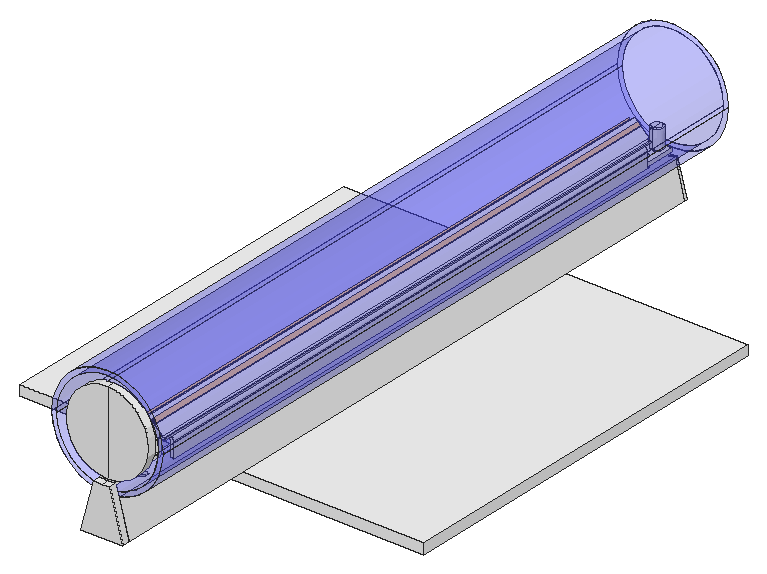
Revit family "BE_50085.1_de_DE", category Leuchten, Revit 2015
Parameters (values of type "BEGA_50085.1_K4")
  built-in parameter 1150104 = 13.118 (stored number, unit not read)
  Wattage = 36.4 W
  Default Elevation = 0 mm
  built-in parameter 1150113 = 1 (stored number, unit not read)
  built-in parameter 1114218 = 1 (stored number, unit not read)
  Umgebungstemperatur = "25 °C"
  URL = "http://www.bega.de/produkt/50085.1"
  Typenkommentare = "© 2017 BEGA. Wir behalten uns das Recht vor, technische Änderungen ohne vorherige Ankündigung vorzunehmen."  # constant formula
  built-in parameter 1150134 = 12
  built-in parameter 1150109 = 1 (stored number, unit not read)
  Strom = ""
  built-in parameter 1150110 = 1 (stored number, unit not read)
  Spannung = 239.996 V
  Sonderanfertigung = no
  Seriennummer [instance] = "Hier können Sie die eindeutige Seriennummer für das Facility Management eintragen."
  Schutzklasse = "I"
  Schutzart = "IP 20"
  Scheinlast = 0 VA
  Produktdatenblatt = "http://www.bega.de/download/Xrfa/db/50085.1.db.de.pdf"
  Oberflächentemperatur = ""
  Neigungswinkel = 0.00°
  Modell = "50085.1K4"
  Material_17 = BEGA_Reflektor
  Material_15 = BEGA_Leuchtmedium_matt
  Material_11 = BEGA_Glas_opal
  Material_10 = BEGA_Glas_matt
  Material_09 = BEGA_Glas_klar
  Material_06 = BEGA_Oberfläche_Edelstahl_gebürstet
  Material_05 = BEGA_Oberfläche_Aluminium Guss
  Material_03 = BEGA_Oberfläche_Weiss_matt
  Material_02 = BEGA_Oberfläche_Silber_matt
  Material_01 [instance] = BEGA_Oberfläche_Grafit_matt
  M_W = no
  M_G = no
  M_A = no
  Logo = 0
  built-in parameter 1114217 = 1 (stored number, unit not read)
  built-in parameter 1150139 = (empty or 0)
  built-in parameter 1150105 = 409 (stored number, unit not read)
  built-in parameter 1150114 = 1 (stored number, unit not read)
  Lumens = 5139.68 lm
  built-in parameter 1150115 = 1 (stored number, unit not read)
  Leuchtenlichtstrom = "4499 lm"
  Leuchtenanzahl = ""
  Lebensdauerkriterien = "L70B50 @ 25 °C = 157000 h"
  Lastklassifizierung = Beleuchtung
  built-in parameter 1150112 = 1 (stored number, unit not read)
  Lampenlichtstrom = "5140 lm"
  Lampe = "LED 36.4 W"
  LED_Modulbezeichnung = "4x LED-0627/840 "
  Hersteller = "BEGA"  # constant formula
  Halbstreuwinkel = ""
  Gewicht = "3.6 kg"
  Gebrauchslageneinschränkung [instance] = ""
  Frequenz = "0/50-60 Hz"
  Farbwiedergabeindex = "Ra > 80"
  Farbtemperaturverschiebung bei Dämpfen der Lampe = <Keine Auswahl>
  Farbtemperatur = "4000 K"
  Color Filter = 16777215
  built-in parameter 1150133 = 10 (stored number, unit not read)
  Energieeffizienzklasse = "LED A++ - A"
  built-in parameter 1150137 = (empty or 0)
  built-in parameter 1150132 = (empty or 0)
  ENEC = ""
  Dimmbar [instance] = "DALI"
  Datei für fotometrisches Netz = "BE_50085K4.IES"
  CE_Konformität = "ja"
  Bestellnummer = "50085.1K4"
  Beschreibung_Sonderanfertigung = "Hier können Sie Informationen zur Sonderanfertigung eintragen."
  Beschreibung = "Wandleuchte"
  built-in parameter 1150106 = 4.09 (stored number, unit not read)
  Befestigungsbohrung = "Ø 6,5 mm"
  Befestigungsabstand = "620 mm"
  Ballwurfsicher = ""
  BEGA_Intern_aus = yes
  BEGA_Intern_an = yes
  BEGA_Intern_Konstruktion = yes
  BEGA_Intern = yes
  BEGA_IES = yes
  BEGA_Dummy = no
  Anschlussleitung = ""
  Anschlussleistung [instance] = "42 W"
  Anschlusskasten = ""
  built-in parameter 1150107 = 4000 (stored number, unit not read)
  built-in parameter 1150102 = (empty or 0)
  built-in parameter 1150138 = (empty or 0)
  Aktualisierung = "2017-09-29T04:10:01"
  Abstand_zur_angestrahlten_Fläche [instance] = ""
  AC/DC = "AC/DC"
Types (2, lengths in mm): name | built-in parameter 1150134 | Modell | LED_Modulbezeichnung | Farbtemperatur | Datei für fotometrisches Netz | Bestellnummer | built-in parameter 1150107
  BEGA_50085.1_K3 | (empty or 0) | "50085.1" | "4x LED-0627/830 " | "3000 K" | "BE_50085.IES" | "50085.1" | 3000 (stored number, unit not read)
  BEGA_50085.1_K4 | 12 | "50085.1K4" | "4x LED-0627/840 " | "4000 K" | "BE_50085K4.IES" | "50085.1K4" | 4000 (stored number, unit not read)
Reference planes
  plane 1 "Mitte (Vorne/Hinten)": y = 0
  plane 2: z = 0
  plane 3 "Mitte (Links/Rechts)": x = 0
  plane 4 "Links": x = -55
  plane 5 "Rechts": x = 55
  plane 6 "Unten": y = -349
  plane 7 "Oben": y = 358
  plane 8 "Vorne": z = 144.761
  plane 9 "Hinten": z = 0
Forms (mm)
  Extrusion 1, solid, material "BEGA_Platte_Weiss"
    sketch origin (0, -1119.2, 0) x (1, 0, 0) y (0, 1, 0)
      loop
        line (-200, 1319.2) -> (-200, 919.2) -> (200, 919.2) -> (200, 1319.2) -> (-200, 1319.2)
    from 0 to -10
  Extrusion 2, solid, material "BEGA_Dummy_matt", visible <- "BEGA_Dummy"
    sketch origin (80.095, -76.023, 0) x (1, 0, 0) y (0, 1, 0)
      loop
        line (-135.095, 434.023) -> (-135.095, -272.977) -> (-25.095, -272.977) -> (-25.095, 434.023) -> (-135.095, 434.023)
    from 0 to 144.761
Dimensions and locks
  plane 1 "Mitte (Vorne/Hinten)" to Extrusion 1 = 200 mm
  aligned and locked: plane 2 to Extrusion 1
  aligned and locked: level to Extrusion 1
Nested families
  nested 1: "BE_50085.1" at (0, 0, 0), type "BE_50085.1"
Connectors
  electrical at (0, 0, 0), driven by "Lastklassifizierung", driven by "Spannung", driven by "Scheinlast"
    settings: index 1, voltage 239.996 V, apparent load 0 VA, apparent load phase1 0 VA, apparent load phase2 0 VA, apparent load phase3 0 VA, power factor 1, load classification "Beleuchtung", number of poles 1, system type 31, power factor state 1, is connector primary yes, connector utility no, sub classification motor no, connector description ""
Definition of nested family "BE_50085.1"
  Parameters (values of type "BE_50085.1")
    Default Elevation = 1 mm
    URL = "http://www.bega.de/de/produkt"
    Type Comments = "© 2015 BEGA. Wir behalten uns das Recht vor, technische Änderungen ohne vorherige Ankündigung vorzunehmen. "  # constant formula
    Type Image = (empty or 0)
    Neigungswinkel_um_Z2 = 0.00°
    Neigungswinkel_um_Z1 = 0.00°
    Neigungswinkel_um_Y2 = 0.00°
    Neigungswinkel_um_Y1 = 0.00°
    Neigungswinkel_um_X2 = 0.00°
    Neigungswinkel_um_X1 = 0.00°
    Material_17 = none
    Material_15 = none
    Material_11 = none
    Material_10 = none
    Material_09 = none
    Material_06 = none
    Material_05 = none
    Material_03 = none
    Material_02 = none
    Material_01 = none
    M_W = yes
    M_G = yes
    M_A = yes
    Länge_Platte = 200 mm  # constant formula
    Höhe_Platte = -10 mm  # constant formula
    Manufacturer = "BEGA"  # constant formula
    Drehwinkel_um_Z2 = 0.00°
    Drehwinkel_um_Z1 = 0.00°
    Breite_Platte = 800 mm  # constant formula
  Reference planes
    plane 1 "Mitte (Oben/Unten)": y = 0
    plane 2: z = 0
    plane 3 "Mitte (Links/Rechts)": x = 0
    plane 4: z = 144.761
    plane 5: x = -55
    plane 6: x = 55
    plane 7: y = 358
    plane 8: y = -349
  Forms (mm)
    Extrusion 1, solid, detail levels medium
      sketch origin (0, 0, 0) x (1, 0, 0) y (0, 1, 0)
        loop
          line (-100, 400) -> (-100, -400) -> (100, -400) -> (100, 400) -> (-100, 400)
      from 0 to -10 <- "Höhe_Platte"
    Extrusion 2, solid, material <- "Material_03", detail levels medium+fine
      sketch origin (0, 0, 0) x (1, 0, 0) y (0, 0, 1)
        loop
          line (-20.646, 0) -> (20.646, 0) -> (11.012, 35.956)
          arc (11.012, 35.956) -> (0, 34.411) -> (-11.012, 35.956) r 40
          line (-11.012, 35.956) -> (-20.646, 0)
      from -349 to -346.81
    Extrusion 3, solid, material <- "Material_03", detail levels medium+fine
      sketch origin (0, -50.1, 0) x (1, 0, 0) y (0, 0, -1)
        loop
          line (-20.646, 0) -> (-7.778, -48.025)
          arc (-7.778, -48.025) -> (-3.928, -47.202) -> (0, -46.926) r 28.074
          arc (0, -46.926) -> (3.928, -47.202) -> (7.778, -48.025) r 28.074
          line (7.778, -48.025) -> (20.646, 0) -> (-20.646, 0)
      from -298.9 to -291.175
    Revolve 4, solid, material <- "Material_03", detail levels medium+fine
      sketch origin (0, 0, 0) x (0, 1, 0) y (0, 0, 1)
        loop
          line (-341.49, 89.761) -> (-333.436, 89.761) -> (-333.436, 130.5) -> (-341.49, 130.5) -> (-341.49, 89.761)
        axis (-333.436, 89.761) -> (-341.49, 89.761)
      angle from 0 to 360
    Extrusion 5, solid, material <- "Material_03", detail levels medium+fine
      sketch origin (0, 0, 0) x (1, 0, 0) y (0, 0, 1)
        loop
          line (20.646, 0) -> (11.012, 35.956)
          arc (11.012, 35.956) -> (0, 34.411) -> (-11.012, 35.956) r 40
          line (-11.012, 35.956) -> (-20.646, 0) -> (-18.576, 0) -> (-10.152, 31.437)
          arc (-10.152, 31.437) -> (-9.235, 32.642) -> (-7.737, 32.86) r 2
          arc (-7.737, 32.86) -> (-0.004, 31.911) -> (7.729, 32.858) r 32
          arc (7.729, 32.858) -> (9.232, 32.644) -> (10.152, 31.437) r 2
          line (10.152, 31.437) -> (18.576, 0) -> (20.646, 0)
      from -346.81 to 341.275
    Extrusion 6, solid, material <- "Material_11", detail levels medium+fine
      sketch origin (0, 0, 0) x (1, 0, 0) y (0, 0, 1)
        loop
          circle (0, 89.761) r 55
        loop
          circle (0, 89.761) r 50
      from -358 to 341.275
    Extrusion 7, solid, material <- "Material_03", detail levels medium+fine
      sketch origin (0, 0, 0) x (1, 0, 0) y (0, 0, 1)
        loop
          arc (-15, 67) -> (-17.828, 65.828) -> (-19, 63) r 4
          line (-19, 63) -> (-19, 48) -> (-16, 48) -> (-16, 63)
          arc (-16, 63) -> (-15.707, 63.707) -> (-15, 64) r 1
          line (-15, 64) -> (15, 64)
          arc (15, 64) -> (15.707, 63.707) -> (16, 63) r 1
          line (16, 63) -> (16, 48) -> (19, 48) -> (19, 63)
          arc (19, 63) -> (17.828, 65.828) -> (15, 67) r 4
          line (15, 67) -> (-15, 67)
      from -301.482 to 283.368
    Extrusion 8, solid, material <- "Material_03", detail levels medium+fine
      sketch origin (0, 0, 0) x (0, 1, 0) y (0, 0, 1)
        loop
          arc (305, 44.6) -> (306.172, 41.772) -> (309, 40.6) r 4
          line (309, 40.6) -> (345, 40.6) -> (345, 43.6) -> (309, 43.6)
          arc (309, 43.6) -> (308.293, 43.893) -> (308, 44.6) r 1
          line (308, 44.6) -> (308, 63)
          arc (308, 63) -> (306.828, 65.828) -> (304, 67) r 4
          line (304, 67) -> (301.482, 67) -> (301.482, 64) -> (304, 64)
          arc (304, 64) -> (304.707, 63.707) -> (305, 63) r 1
          line (305, 63) -> (305, 44.6)
        loop
          line (-286.886, 52) -> (-286.886, 63)
          arc (-286.886, 63) -> (-286.593, 63.707) -> (-285.886, 64) r 1
          line (-285.886, 64) -> (-283.368, 64) -> (-283.368, 67) -> (-285.886, 67)
          arc (-285.886, 67) -> (-288.715, 65.828) -> (-289.886, 63) r 4
          line (-289.886, 63) -> (-289.886, 52)
          arc (-289.886, 52) -> (-290.179, 51.293) -> (-290.886, 51) r 1
          line (-290.886, 51) -> (-333.386, 51) -> (-333.386, 48) -> (-290.886, 48)
          arc (-290.886, 48) -> (-288.058, 49.172) -> (-286.886, 52) r 4
      from -8.933 to 9.022
    Revolve 9, solid, material <- "Material_05", detail levels medium+fine
      sketch origin (0, 0, 0) x (0, 1, 0) y (0, 0, 1)
        loop
          line (333, 63.85) -> (332.012, 62.862) -> (332.001, 44.85) -> (333.25, 43.6) -> (335.75, 43.6) -> (335.75, 33.498) -> (338, 33.498) -> (338, 63.85) -> (333, 63.85)
        axis (338, 63.85) -> (338, 33.498)
      angle from 0 to 360
    Extrusion 10, solid, material <- "Material_05", detail levels medium+fine
      sketch origin (0, 0, 0) x (1, 0, 0) y (0, 0, 1)
        loop
          line (-14.302, 70) -> (-11.5, 70) -> (-11.5, 68.5) -> (-15.957, 68.5) -> (-16.591, 67.866)
          arc (-16.591, 67.866) -> (-16.715, 67.317) -> (-16.25, 67) r 0.5
          line (-16.25, 67) -> (16.25, 67)
          arc (16.25, 67) -> (16.715, 67.317) -> (16.591, 67.866) r 0.5
          line (16.591, 67.866) -> (15.957, 68.5) -> (11.5, 68.5) -> (11.5, 70) -> (14.302, 70) -> (0.47, 82.899) -> (-0.47, 82.899) -> (-14.302, 70)
      from -309.134 to 290.879
    Extrusion 11, solid, material <- "Material_15", detail levels medium+fine
      sketch origin (0, 0, 0) x (1, 0, 0) y (0, 0, 1)
        loop
          line (-6.643, 77.57) -> (-3.369, 80.623) -> (-4.568, 81.908) -> (-7.841, 78.855) -> (-6.643, 77.57)
        loop
          line (6.643, 77.57) -> (7.841, 78.855) -> (4.568, 81.908) -> (3.369, 80.623) -> (6.643, 77.57)
      from -308 to 289.886
    Extrusion 12, void
      sketch origin (0, 0, 0) x (1, 0, 0) y (0, 1, 0)
        loop
          circle (0, 321) r 5
        loop
          circle (0, -299) r 5
      from 30.614 to 54.603
    Extrusion 13, solid, material <- "Material_03", detail levels medium+fine
      sketch origin (0, 0, 0) x (1, 0, 0) y (0, 0, 1)
        loop
          arc (-8.296, 46.092) -> (0, 44.926) -> (8.296, 46.092) r 30.074
          line (8.296, 46.092) -> (7.333, 49.686)
          arc (7.333, 49.686) -> (3.681, 49.188) -> (0, 49.021) r 40.739
          arc (0, 49.021) -> (-3.681, 49.188) -> (-7.333, 49.686) r 40.739
          line (-7.333, 49.686) -> (-8.296, 46.092)
      from 333.436 to 341.275
  Cuts and joins
    joined: Extrusion 2, Extrusion 3, Revolve 4, Extrusion 13
    Extrusion 12 cuts Extrusion 7
    Extrusion 12 cuts Extrusion 8
    joined: Extrusion 7, Extrusion 8
    Extrusion 12 cuts Extrusion 5
    Extrusion 12 cuts Extrusion 10
  Dimensions and locks
    equal spacing: Extrusion 1 sketch curve, plane 3 "Mitte (Links/Rechts)", Extrusion 1 sketch curve
    equal spacing: Extrusion 1 sketch curve, plane 1 "Mitte (Oben/Unten)", Extrusion 1 sketch curve
    "Länge_Platte": Extrusion 1 sketch curve to Extrusion 1 sketch curve
    "Breite_Platte": Extrusion 1 sketch curve to Extrusion 1 sketch curve
    aligned and locked: Extrusion 1 to plane 2
    aligned and locked: level to Extrusion 1
  Automatic sketch dimensions
    Extrusion 2 sketch curve to level = 0 mm
    Extrusion 2 sketch curve to plane 3 "Mitte (Links/Rechts)" = 11.012 mm
    Extrusion 2 sketch curve to plane 3 "Mitte (Links/Rechts)" = 20.646 mm
    plane 3 "Mitte (Links/Rechts)" to Extrusion 2 sketch curve = 11.012 mm
    plane 3 "Mitte (Links/Rechts)" to Extrusion 2 sketch curve = 20.646 mm
    level to Extrusion 2 sketch curve = 35.956 mm
    Extrusion 3 sketch curve to level = 0 mm
    Extrusion 3 sketch curve to plane 3 "Mitte (Links/Rechts)" = 20.646 mm
    plane 3 "Mitte (Links/Rechts)" to Extrusion 3 sketch curve = 20.646 mm
    Extrusion 3 sketch curve to Extrusion 3 sketch curve = 0 mm
    Extrusion 7 sketch curve to Extrusion 7 sketch curve = 0 mm  (x10)
    Extrusion 7 sketch curve to plane 3 "Mitte (Links/Rechts)" = 19 mm
    Extrusion 7 sketch curve to Extrusion 7 sketch curve = 1 mm  (x2)
    Extrusion 7 sketch curve to Extrusion 7 sketch curve = 3 mm  (x2)
    Extrusion 7 sketch curve to Extrusion 7 sketch curve = 15 mm
    plane 3 "Mitte (Links/Rechts)" to Extrusion 7 sketch curve = 15 mm
    Extrusion 8 sketch curve to Extrusion 8 sketch curve = 0 mm  (x10)
    Extrusion 8 sketch curve to Extrusion 8 sketch curve = 42.5 mm
    Extrusion 8 sketch curve to Extrusion 8 sketch curve = 1 mm  (x4)
    Extrusion 8 sketch curve to Extrusion 8 sketch curve = 3 mm  (x2)
    Extrusion 8 sketch curve to Extrusion 8 sketch curve = 2.518 mm  (x2)
    Extrusion 8 sketch curve to Extrusion 8 sketch curve = 36 mm
    level to Extrusion 8 sketch curve = 48 mm
    level to Extrusion 8 sketch curve = 40.6 mm
    Extrusion 8 sketch curve to Extrusion 8 sketch curve = 18.4 mm
    Extrusion 8 sketch curve to Extrusion 8 sketch curve = 11 mm
    Revolve 9 sketch curve to Revolve 9 sketch curve = 0.999 mm
    Revolve 9 sketch curve to Revolve 9 sketch curve = 1.248 mm
    Revolve 9 sketch curve to Revolve 9 sketch curve = 2.5 mm
    Revolve 9 sketch curve to Revolve 9 sketch curve = 5 mm
    Revolve 9 sketch curve to Revolve 9 sketch curve = 2.25 mm
    Revolve 9 sketch curve to Revolve 9 sketch curve = 19 mm
    Revolve 9 sketch curve to Revolve 9 sketch curve = 1.25 mm
    Revolve 9 sketch curve to Revolve 9 sketch curve = 10.102 mm
    Revolve 9 sketch curve to Revolve 9 sketch curve = 0.988 mm  (x2)
    Extrusion 10 sketch curve to plane 3 "Mitte (Links/Rechts)" = 16.591 mm
    Extrusion 10 sketch curve to Extrusion 10 sketch curve = 0.341 mm  (x2)
    Extrusion 10 sketch curve to Extrusion 10 sketch curve = 0.634 mm  (x3)
    Extrusion 10 sketch curve to Extrusion 10 sketch curve = 1.654 mm  (x2)
    Extrusion 10 sketch curve to Extrusion 10 sketch curve = 2.802 mm  (x2)
    Extrusion 10 sketch curve to plane 3 "Mitte (Links/Rechts)" = 0.47 mm
    plane 3 "Mitte (Links/Rechts)" to Extrusion 10 sketch curve = 0.47 mm
    plane 3 "Mitte (Links/Rechts)" to Extrusion 10 sketch curve = 11.5 mm
    Extrusion 10 sketch curve to Extrusion 10 sketch curve = 0.293 mm
    Extrusion 10 sketch curve to Extrusion 10 sketch curve = 1.5 mm  (x2)
    Extrusion 10 sketch curve to Extrusion 10 sketch curve = 0.366 mm  (x2)
    Extrusion 11 sketch curve to plane 3 "Mitte (Links/Rechts)" = 7.841 mm
    Extrusion 11 sketch curve to Extrusion 11 sketch curve = 1.198 mm  (x4)
    Extrusion 11 sketch curve to Extrusion 11 sketch curve = 3.274 mm  (x2)
    plane 3 "Mitte (Links/Rechts)" to Extrusion 11 sketch curve = 3.369 mm
    Extrusion 11 sketch curve to Extrusion 11 sketch curve = 1.285 mm  (x4)
    Extrusion 5 sketch curve to level = 0 mm  (x2)
    Extrusion 5 sketch curve to plane 3 "Mitte (Links/Rechts)" = 0 mm  (x2)
    Extrusion 5 sketch curve to plane 3 "Mitte (Links/Rechts)" = 8.22 mm
    Extrusion 5 sketch curve to plane 3 "Mitte (Links/Rechts)" = 11.012 mm
    Extrusion 5 sketch curve to plane 3 "Mitte (Links/Rechts)" = 18.576 mm
    Extrusion 5 sketch curve to Extrusion 5 sketch curve = 2.071 mm  (x2)
    plane 3 "Mitte (Links/Rechts)" to Extrusion 5 sketch curve = 8.22 mm
    plane 3 "Mitte (Links/Rechts)" to Extrusion 5 sketch curve = 11.012 mm
    plane 3 "Mitte (Links/Rechts)" to Extrusion 5 sketch curve = 18.576 mm
    Extrusion 5 sketch curve to Extrusion 5 sketch curve = 0 mm  (x6)
    Extrusion 5 sketch curve to Extrusion 5 sketch curve = 5.037 mm  (x2)
    Extrusion 5 sketch curve to Extrusion 5 sketch curve = 0.484 mm
    Extrusion 5 sketch curve to Extrusion 5 sketch curve = 1.932 mm  (x2)
    Extrusion 5 sketch curve to Extrusion 5 sketch curve = 0.491 mm
    Extrusion 5 sketch curve to Extrusion 5 sketch curve = 0.518 mm  (x2)
    level to Extrusion 5 sketch curve = 30.919 mm
    Extrusion 5 sketch curve to Extrusion 5 sketch curve = 10.5 mm
    level to Extrusion 7 sketch curve = 48 mm
    level to Revolve 9 sketch curve = 33.498 mm
    Revolve 9 sketch curve to Revolve 9 sketch curve = 0 mm  (x2)
    level to Revolve 9 sketch curve = 26.35 mm
    Revolve 9 sketch curve to Revolve 9 sketch curve = 2 mm
    level to Extrusion 10 sketch curve = 67 mm
    Extrusion 10 sketch curve to Extrusion 10 sketch curve = 12.899 mm
    level to Extrusion 11 sketch curve = 77.57 mm
    Extrusion 11 sketch curve to Extrusion 11 sketch curve = 0 mm
    Extrusion 11 sketch curve to Extrusion 11 sketch curve = 3.053 mm  (x2)
    level to Extrusion 13 sketch curve = 46.092 mm
    Extrusion 13 sketch curve to Extrusion 13 sketch curve = 0 mm  (x2)
    plane 1 "Mitte (Oben/Unten)" to Extrusion 8 sketch curve = 283.368 mm
    Extrusion 8 sketch curve to plane 1 "Mitte (Oben/Unten)" = 301.482 mm
    Revolve 9 sketch curve to plane 1 "Mitte (Oben/Unten)" = 332.001 mm
    Extrusion 2 sketch curve to plane 3 "Mitte (Links/Rechts)" = 0 mm
    Extrusion 2 sketch curve to Extrusion 2 sketch curve = 0 mm
    Extrusion 3 sketch curve to plane 3 "Mitte (Links/Rechts)" = 7.778 mm
    plane 3 "Mitte (Links/Rechts)" to Extrusion 3 sketch curve = 7.778 mm
    level to Extrusion 3 sketch curve = 48.025 mm
    Extrusion 6 sketch curve to Extrusion 6 sketch curve = 0 mm  (x3)
    Extrusion 6 sketch curve to plane 3 "Mitte (Links/Rechts)" = 0 mm
    Revolve 4 sketch curve to Revolve 4 sketch curve = 8.054 mm
    Revolve 4 sketch curve to Revolve 4 sketch curve = 8.6 mm
    Extrusion 3 sketch curve to plane 3 "Mitte (Links/Rechts)" = 0 mm
    Extrusion 3 sketch curve to Extrusion 3 sketch curve = 26.975 mm
    Extrusion 13 sketch curve to plane 3 "Mitte (Links/Rechts)" = 0 mm  (x2)
    Extrusion 13 sketch curve to Extrusion 13 sketch curve = 0.963 mm  (x2)
    Extrusion 13 sketch curve to Extrusion 13 sketch curve = 3.594 mm  (x2)
    Extrusion 13 sketch curve to plane 3 "Mitte (Links/Rechts)" = 7.333 mm
    Extrusion 13 sketch curve to Extrusion 13 sketch curve = 0.665 mm
    level to Revolve 4 sketch curve = 89.761 mm
    Revolve 4 sketch curve to Revolve 4 sketch curve = 40.739 mm
    Revolve 4 sketch curve to Revolve 4 sketch curve = 0 mm
    level to Extrusion 6 sketch curve = 89.761 mm
    plane 1 "Mitte (Oben/Unten)" to Revolve 4 sketch curve = 341.49 mm
    Revolve 4 sketch curve to Revolve 4 sketch curve = 61.93 mm
    radius of Extrusion 6 sketch curve = 55 mm
    radius of Extrusion 6 sketch curve = 50 mm
